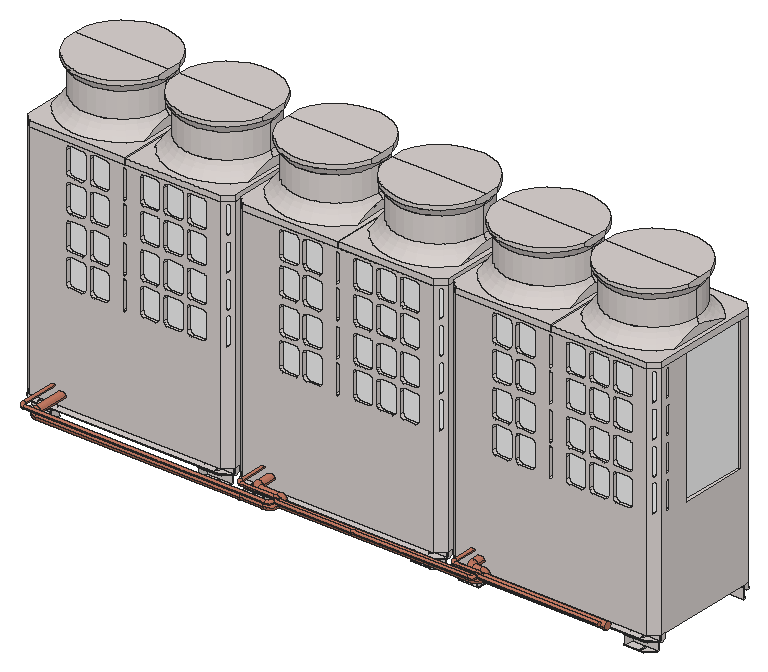
Revit family "PUHY-P1150YSNW-A1", category 機械設備, Revit 2016 (continued)
Definition of nested family "PUHY-P350YNW-A1"
  Lines and regions (mm)
    model lines
      curve 18: arc (-347, -370, 205) -> (-349.929, -370, 212.071) -> (-357, -370, 215) r 10
      curve 19: line (-405, -370, 1521) -> (-405, -370, 716)
      curve 20: line (620, -162.3, 1521) -> (620, -162.3, 95)
      curve 21: line (620, 289.2, 1521) -> (620, 289.2, 95)
      curve 22: line (620, -162.3, 705) -> (620, 289.2, 705)
      curve 23: line (620, -162.3, 725) -> (620, 289.2, 725)
      curve 24: line (620, -76.8, 583) -> (620, 203.2, 583)
      curve 25: line (620, 203.2, 563) -> (620, -76.8, 563)
      curve 26: arc (620, -76.8, 583) -> (620, -83.871, 580.071) -> (620, -86.8, 573) r 10
      curve 27: arc (620, -76.8, 563) -> (620, -83.871, 565.929) -> (620, -86.8, 573) r 10
      curve 28: arc (620, 203.2, 583) -> (620, 210.271, 580.071) -> (620, 213.2, 573) r 10
      curve 29: arc (620, 203.2, 563) -> (620, 210.271, 565.929) -> (620, 213.2, 573) r 10
      curve 30: line (620, -76.8, 478) -> (620, 203.2, 478)
      curve 31: line (620, 203.2, 458) -> (620, -76.8, 458)
      curve 32: arc (620, -76.8, 478) -> (620, -83.871, 475.071) -> (620, -86.8, 468) r 10
      curve 33: arc (620, -76.8, 458) -> (620, -83.871, 460.929) -> (620, -86.8, 468) r 10
      curve 34: arc (620, 203.2, 478) -> (620, 210.271, 475.071) -> (620, 213.2, 468) r 10
      curve 35: arc (620, 203.2, 458) -> (620, 210.271, 460.929) -> (620, 213.2, 468) r 10
      curve 36: line (620, -76.8, 373) -> (620, 203.2, 373)
      curve 37: line (620, 203.2, 353) -> (620, -76.8, 353)
      curve 38: arc (620, -76.8, 373) -> (620, -83.871, 370.071) -> (620, -86.8, 363) r 10
      curve 39: arc (620, -76.8, 353) -> (620, -83.871, 355.929) -> (620, -86.8, 363) r 10
      curve 40: arc (620, 203.2, 373) -> (620, 210.271, 370.071) -> (620, 213.2, 363) r 10
      curve 41: arc (620, 203.2, 353) -> (620, 210.271, 355.929) -> (620, 213.2, 363) r 10
      curve 42: line (620, -76.8, 268) -> (620, 203.2, 268)
      curve 43: line (620, 203.2, 248) -> (620, -76.8, 248)
      curve 44: arc (620, -76.8, 268) -> (620, -83.871, 265.071) -> (620, -86.8, 258) r 10
      curve 45: arc (620, -76.8, 248) -> (620, -83.871, 250.929) -> (620, -86.8, 258) r 10
      curve 46: arc (620, 203.2, 268) -> (620, 210.271, 265.071) -> (620, 213.2, 258) r 10
      curve 47: arc (620, 203.2, 248) -> (620, 210.271, 250.929) -> (620, 213.2, 258) r 10
      curve 48: line (-620, -162.3, 1521) -> (-620, -162.3, 95)
      curve 49: line (-620, 235.7, 1521) -> (-620, 235.7, 95)
      curve 50: line (-620, -112.3, 1521) -> (-620, -112.3, 705)
      curve 51: line (-620, 215.7, 1521) -> (-620, 215.7, 705)
      curve 52: line (-620, 235.7, 705) -> (-620, -162.3, 705)
      curve 53: line (-620, 176.7, 268) -> (-620, -103.3, 268)
      curve 54: line (-620, -103.3, 248) -> (-620, 176.7, 248)
      curve 55: arc (-620, 186.7, 258) -> (-620, 183.771, 265.071) -> (-620, 176.7, 268) r 10
      curve 56: arc (-620, 176.7, 248) -> (-620, 183.771, 250.929) -> (-620, 186.7, 258) r 10
      curve 57: arc (-620, -103.3, 268) -> (-620, -110.371, 265.071) -> (-620, -113.3, 258) r 10
      curve 58: arc (-620, -113.3, 258) -> (-620, -110.371, 250.929) -> (-620, -103.3, 248) r 10
      curve 59: line (-620, 176.7, 373) -> (-620, -103.3, 373)
      curve 60: line (-620, -103.3, 353) -> (-620, 176.7, 353)
      curve 61: arc (-620, 186.7, 363) -> (-620, 183.771, 370.071) -> (-620, 176.7, 373) r 10
      curve 62: arc (-620, 176.7, 353) -> (-620, 183.771, 355.929) -> (-620, 186.7, 363) r 10
      curve 63: arc (-620, -103.3, 373) -> (-620, -110.371, 370.071) -> (-620, -113.3, 363) r 10
      curve 64: arc (-620, -113.3, 363) -> (-620, -110.371, 355.929) -> (-620, -103.3, 353) r 10
      curve 65: line (-620, 176.7, 478) -> (-620, -103.3, 478)
      curve 66: line (-620, -103.3, 458) -> (-620, 176.7, 458)
      curve 67: arc (-620, 186.7, 468) -> (-620, 183.771, 475.071) -> (-620, 176.7, 478) r 10
      curve 68: arc (-620, 176.7, 458) -> (-620, 183.771, 460.929) -> (-620, 186.7, 468) r 10
      curve 69: arc (-620, -103.3, 478) -> (-620, -110.371, 475.071) -> (-620, -113.3, 468) r 10
      curve 70: arc (-620, -113.3, 468) -> (-620, -110.371, 460.929) -> (-620, -103.3, 458) r 10
      curve 71: line (-620, 176.7, 583) -> (-620, -103.3, 583)
      curve 72: line (-620, -103.3, 563) -> (-620, 176.7, 563)
      curve 73: arc (-620, 186.7, 573) -> (-620, 183.771, 580.071) -> (-620, 176.7, 583) r 10
      curve 74: arc (-620, 176.7, 563) -> (-620, 183.771, 565.929) -> (-620, 186.7, 573) r 10
      curve 75: arc (-620, -103.3, 583) -> (-620, -110.371, 580.071) -> (-620, -113.3, 573) r 10
      curve 76: arc (-620, -113.3, 573) -> (-620, -110.371, 565.929) -> (-620, -103.3, 563) r 10
      curve 77: line (-544, 370, 1521) -> (-544, 370, 95)
      curve 78: line (489, 370, 649) -> (30, 370, 649)
      curve 79: line (-30.5, 370, 649) -> (-544, 370, 649)
      curve 80: line (-147.25, 370, 584) -> (-427.25, 370, 584)
      curve 81: line (-427.25, 370, 564) -> (-147.25, 370, 564)
      curve 82: arc (-137.25, 370, 574) -> (-140.179, 370, 581.071) -> (-147.25, 370, 584) r 10
      curve 83: arc (-147.25, 370, 564) -> (-140.179, 370, 566.929) -> (-137.25, 370, 574) r 10
      curve 84: arc (-427.25, 370, 584) -> (-434.321, 370, 581.071) -> (-437.25, 370, 574) r 10
      curve 85: arc (-437.25, 370, 574) -> (-434.321, 370, 566.929) -> (-427.25, 370, 564) r 10
      curve 86: circle (448, -185, 1521) r 15 normal (0, 0, 1)
      curve 87: circle (468, -185, 95) r 26 normal (0, 0, 1)
      curve 88: circle (448, -260, 95) r 32.5 normal (0, 0, 1)
      curve 89: circle (404, -204, 95) r 17 normal (0, 0, 1)
      curve 90: line (-550, -370, 1521) -> (-550, -370, 95)
      curve 91: line (-550, -370, 716) -> (-30, -370, 716)
      curve 92: line (550, -370, 95) -> (550, -370, 1521)
      curve 93: line (30, -370, 716) -> (550, -370, 716)
      curve 94: line (-30.5, 370, 1521) -> (-30.5, 370, 95)
      curve 95: line (30, 370, 1521) -> (30, 370, 95)
      curve 96: line (489, 370, 1521) -> (489, 370, 95)
      curve 97: line (467, 370, 669) -> (467, 370, 649)
      curve 98: line (-352, -370, 223) -> (-550, -370, 223)
      curve 99: line (-342, -370, 213) -> (-342, -370, 95)
      curve 100: arc (-342, -370, 213) -> (-344.929, -370, 220.071) -> (-352, -370, 223) r 10
      curve 101: circle (488, -370, 160) r 32.5 normal (0, -1, 0)
      curve 102: circle (488, -370, 160) r 20 normal (0, -1, 0)
      curve 103: circle (364, -370, 150) r 17 normal (0, -1, 0)
      curve 104: circle (413, -370, 185) r 26 normal (0, -1, 0)
      curve 105: circle (413, -370, 185) r 13.5 normal (0, -1, 0)
      curve 106: line (352, -370, 223) -> (550, -370, 223)
      curve 107: line (342, -370, 213) -> (342, -370, 95)
      curve 108: arc (342, -370, 213) -> (344.929, -370, 220.071) -> (352, -370, 223) r 10
      curve 109: line (-147.25, 370, 479) -> (-427.25, 370, 479)
      curve 110: line (-427.25, 370, 459) -> (-147.25, 370, 459)
      curve 111: arc (-137.25, 370, 469) -> (-140.179, 370, 476.071) -> (-147.25, 370, 479) r 10
      curve 112: arc (-147.25, 370, 459) -> (-140.179, 370, 461.929) -> (-137.25, 370, 469) r 10
      curve 113: arc (-427.25, 370, 479) -> (-434.321, 370, 476.071) -> (-437.25, 370, 469) r 10
      curve 114: arc (-437.25, 370, 469) -> (-434.321, 370, 461.929) -> (-427.25, 370, 459) r 10
      curve 115: line (-147.25, 370, 374) -> (-427.25, 370, 374)
      curve 116: line (-427.25, 370, 354) -> (-147.25, 370, 354)
      curve 117: arc (-137.25, 370, 364) -> (-140.179, 370, 371.071) -> (-147.25, 370, 374) r 10
      curve 118: arc (-147.25, 370, 354) -> (-140.179, 370, 356.929) -> (-137.25, 370, 364) r 10
      curve 119: arc (-427.25, 370, 374) -> (-434.321, 370, 371.071) -> (-437.25, 370, 364) r 10
      curve 120: arc (-437.25, 370, 364) -> (-434.321, 370, 356.929) -> (-427.25, 370, 354) r 10
      curve 121: line (-147.25, 370, 269) -> (-427.25, 370, 269)
      curve 122: line (-427.25, 370, 249) -> (-147.25, 370, 249)
      curve 123: arc (-137.25, 370, 259) -> (-140.179, 370, 266.071) -> (-147.25, 370, 269) r 10
      curve 124: arc (-147.25, 370, 249) -> (-140.179, 370, 251.929) -> (-137.25, 370, 259) r 10
      curve 125: arc (-427.25, 370, 269) -> (-434.321, 370, 266.071) -> (-437.25, 370, 259) r 10
      curve 126: arc (-437.25, 370, 259) -> (-434.321, 370, 251.929) -> (-427.25, 370, 249) r 10
      curve 127: line (399.5, 370, 584) -> (119.5, 370, 584)
      curve 128: line (119.5, 370, 564) -> (399.5, 370, 564)
      curve 129: arc (409.5, 370, 574) -> (406.571, 370, 581.071) -> (399.5, 370, 584) r 10
      curve 130: arc (399.5, 370, 564) -> (406.571, 370, 566.929) -> (409.5, 370, 574) r 10
      curve 131: arc (119.5, 370, 584) -> (112.429, 370, 581.071) -> (109.5, 370, 574) r 10
      curve 132: arc (109.5, 370, 574) -> (112.429, 370, 566.929) -> (119.5, 370, 564) r 10
      curve 133: line (399.5, 370, 479) -> (119.5, 370, 479)
      curve 134: line (119.5, 370, 459) -> (399.5, 370, 459)
      curve 135: arc (409.5, 370, 469) -> (406.571, 370, 476.071) -> (399.5, 370, 479) r 10
      curve 136: arc (399.5, 370, 459) -> (406.571, 370, 461.929) -> (409.5, 370, 469) r 10
      curve 137: arc (119.5, 370, 479) -> (112.429, 370, 476.071) -> (109.5, 370, 469) r 10
      curve 138: arc (109.5, 370, 469) -> (112.429, 370, 461.929) -> (119.5, 370, 459) r 10
      curve 139: line (399.5, 370, 374) -> (119.5, 370, 374)
      curve 140: line (119.5, 370, 354) -> (399.5, 370, 354)
      curve 141: arc (409.5, 370, 364) -> (406.571, 370, 371.071) -> (399.5, 370, 374) r 10
      curve 142: arc (399.5, 370, 354) -> (406.571, 370, 356.929) -> (409.5, 370, 364) r 10
      curve 143: arc (119.5, 370, 374) -> (112.429, 370, 371.071) -> (109.5, 370, 364) r 10
      curve 144: arc (109.5, 370, 364) -> (112.429, 370, 356.929) -> (119.5, 370, 354) r 10
      curve 145: line (399.5, 370, 269) -> (119.5, 370, 269)
      curve 146: line (119.5, 370, 249) -> (399.5, 370, 249)
      curve 147: arc (409.5, 370, 259) -> (406.571, 370, 266.071) -> (399.5, 370, 269) r 10
      curve 148: arc (399.5, 370, 249) -> (406.571, 370, 251.929) -> (409.5, 370, 259) r 10
      curve 149: arc (119.5, 370, 269) -> (112.429, 370, 266.071) -> (109.5, 370, 259) r 10
      curve 150: arc (109.5, 370, 259) -> (112.429, 370, 251.929) -> (119.5, 370, 249) r 10
      curve 151: line (399.5, -370, 584) -> (119.5, -370, 584)
      curve 152: line (119.5, -370, 564) -> (399.5, -370, 564)
      curve 153: arc (409.5, -370, 574) -> (406.571, -370, 581.071) -> (399.5, -370, 584) r 10
      curve 154: arc (399.5, -370, 564) -> (406.571, -370, 566.929) -> (409.5, -370, 574) r 10
      curve 155: arc (119.5, -370, 584) -> (112.429, -370, 581.071) -> (109.5, -370, 574) r 10
      curve 156: arc (109.5, -370, 574) -> (112.429, -370, 566.929) -> (119.5, -370, 564) r 10
      curve 157: line (399.5, -370, 479) -> (119.5, -370, 479)
      curve 158: line (119.5, -370, 459) -> (399.5, -370, 459)
      curve 159: arc (409.5, -370, 469) -> (406.571, -370, 476.071) -> (399.5, -370, 479) r 10
      curve 160: arc (399.5, -370, 459) -> (406.571, -370, 461.929) -> (409.5, -370, 469) r 10
      curve 161: arc (119.5, -370, 479) -> (112.429, -370, 476.071) -> (109.5, -370, 469) r 10
      curve 162: arc (109.5, -370, 469) -> (112.429, -370, 461.929) -> (119.5, -370, 459) r 10
      curve 163: line (399.5, -370, 374) -> (119.5, -370, 374)
      curve 164: line (119.5, -370, 354) -> (399.5, -370, 354)
      curve 165: arc (409.5, -370, 364) -> (406.571, -370, 371.071) -> (399.5, -370, 374) r 10
      curve 166: arc (399.5, -370, 354) -> (406.571, -370, 356.929) -> (409.5, -370, 364) r 10
      curve 167: arc (119.5, -370, 374) -> (112.429, -370, 371.071) -> (109.5, -370, 364) r 10
      curve 168: arc (109.5, -370, 364) -> (112.429, -370, 356.929) -> (119.5, -370, 354) r 10
      curve 169: arc (119.5, -370, 269) -> (112.429, -370, 266.071) -> (109.5, -370, 259) r 10
      curve 170: arc (109.5, -370, 259) -> (112.429, -370, 251.929) -> (119.5, -370, 249) r 10
      curve 171: line (-147.25, -370, 584) -> (-427.25, -370, 584)
      curve 172: line (-427.25, -370, 564) -> (-147.25, -370, 564)
      curve 173: arc (-137.25, -370, 574) -> (-140.179, -370, 581.071) -> (-147.25, -370, 584) r 10
      curve 174: arc (-147.25, -370, 564) -> (-140.179, -370, 566.929) -> (-137.25, -370, 574) r 10
      curve 175: arc (-427.25, -370, 584) -> (-434.321, -370, 581.071) -> (-437.25, -370, 574) r 10
      curve 176: arc (-437.25, -370, 574) -> (-434.321, -370, 566.929) -> (-427.25, -370, 564) r 10
      curve 177: line (-147.25, -370, 479) -> (-427.25, -370, 479)
      curve 178: line (-427.25, -370, 459) -> (-147.25, -370, 459)
      curve 179: arc (-137.25, -370, 469) -> (-140.179, -370, 476.071) -> (-147.25, -370, 479) r 10
      curve 180: arc (-147.25, -370, 459) -> (-140.179, -370, 461.929) -> (-137.25, -370, 469) r 10
      curve 181: arc (-427.25, -370, 479) -> (-434.321, -370, 476.071) -> (-437.25, -370, 469) r 10
      curve 182: arc (-437.25, -370, 469) -> (-434.321, -370, 461.929) -> (-427.25, -370, 459) r 10
      curve 183: line (-147.25, -370, 374) -> (-427.25, -370, 374)
      curve 184: line (-427.25, -370, 354) -> (-147.25, -370, 354)
      curve 185: arc (-137.25, -370, 364) -> (-140.179, -370, 371.071) -> (-147.25, -370, 374) r 10
      curve 186: arc (-147.25, -370, 354) -> (-140.179, -370, 356.929) -> (-137.25, -370, 364) r 10
      curve 187: arc (-427.25, -370, 374) -> (-434.321, -370, 371.071) -> (-437.25, -370, 364) r 10
      curve 188: arc (-437.25, -370, 364) -> (-434.321, -370, 356.929) -> (-427.25, -370, 354) r 10
      curve 189: line (-147.25, -370, 269) -> (-262.25, -370, 269)
      curve 190: line (-262.25, -370, 249) -> (-147.25, -370, 249)
      curve 191: arc (-137.25, -370, 259) -> (-140.179, -370, 266.071) -> (-147.25, -370, 269) r 10
      curve 192: arc (-147.25, -370, 249) -> (-140.179, -370, 251.929) -> (-137.25, -370, 259) r 10
      curve 193: arc (-262.25, -370, 269) -> (-269.321, -370, 266.071) -> (-272.25, -370, 259) r 10
      curve 194: arc (-272.25, -370, 259) -> (-269.321, -370, 251.929) -> (-262.25, -370, 249) r 10
      curve 195: line (234.5, -370, 269) -> (119.5, -370, 269)
      curve 196: line (119.5, -370, 249) -> (234.5, -370, 249)
      curve 197: arc (244.5, -370, 259) -> (241.571, -370, 266.071) -> (234.5, -370, 269) r 10
      curve 198: arc (234.5, -370, 249) -> (241.571, -370, 251.929) -> (244.5, -370, 259) r 10
  Dimensions and locks
    nested 2 to nested 2 = 303.000 mm
    cut or joined group 1 (Extrusion 1, Extrusion 2, Extrusion 3, Extrusion 4, Extrusion 5, Extrusion 6, Extrusion 7, Extrusion 8, Extrusion 9, Extrusion 10, Extrusion 11, Extrusion 12, Extrusion 13, Extrusion 14, Extrusion 15, Extrusion 16, Extrusion 17, Extrusion 18, Extrusion 19, Extrusion 20, Extrusion 21, Extrusion 22, Extrusion 23, Extrusion 24, Extrusion 25, Extrusion 26, Extrusion 27, Extrusion 28, Extrusion 29, Extrusion 30, Extrusion 31, Extrusion 32, Extrusion 33) to cut or joined group 1 = 1240.000 mm
    Extrusion 2 sketch curve to Extrusion 2 sketch curve = 116.800 mm
    Extrusion 2 sketch curve to Extrusion 2 sketch curve = 170.800 mm
    Extrusion 3 sketch curve to Extrusion 3 sketch curve = 116.800 mm
    Extrusion 3 sketch curve to Extrusion 3 sketch curve = 170.800 mm
    Extrusion 4 sketch curve to Extrusion 4 sketch curve = 116.800 mm
    Extrusion 4 sketch curve to Extrusion 4 sketch curve = 170.800 mm
    Extrusion 5 sketch curve to Extrusion 5 sketch curve = 116.800 mm
    Extrusion 5 sketch curve to Extrusion 5 sketch curve = 170.800 mm
    Extrusion 6 sketch curve to Extrusion 6 sketch curve = 116.800 mm
    Extrusion 6 sketch curve to Extrusion 6 sketch curve = 170.800 mm
    Extrusion 7 sketch curve to Extrusion 7 sketch curve = 116.800 mm
    Extrusion 7 sketch curve to Extrusion 7 sketch curve = 170.800 mm
    Extrusion 8 sketch curve to Extrusion 8 sketch curve = 116.800 mm
    Extrusion 8 sketch curve to Extrusion 8 sketch curve = 170.800 mm
    Extrusion 9 sketch curve to Extrusion 9 sketch curve = 116.800 mm
    Extrusion 9 sketch curve to Extrusion 9 sketch curve = 170.800 mm
    cut or joined group 1 to cut or joined group 1 = 50.000 mm  (x2)
    Extrusion 10 sketch curve to Extrusion 10 sketch curve = 116.800 mm
    Extrusion 10 sketch curve to Extrusion 10 sketch curve = 170.800 mm
    Extrusion 11 sketch curve to Extrusion 11 sketch curve = 116.800 mm
    Extrusion 11 sketch curve to Extrusion 11 sketch curve = 170.800 mm
    Extrusion 12 sketch curve to Extrusion 12 sketch curve = 116.800 mm
    Extrusion 12 sketch curve to Extrusion 12 sketch curve = 170.800 mm
    Extrusion 13 sketch curve to Extrusion 13 sketch curve = 116.800 mm
    Extrusion 13 sketch curve to Extrusion 13 sketch curve = 170.800 mm
    Extrusion 14 sketch curve to Extrusion 14 sketch curve = 116.800 mm
    Extrusion 14 sketch curve to Extrusion 14 sketch curve = 170.800 mm
    Extrusion 15 sketch curve to Extrusion 15 sketch curve = 116.800 mm
    Extrusion 15 sketch curve to Extrusion 15 sketch curve = 170.800 mm
    Extrusion 16 sketch curve to Extrusion 16 sketch curve = 116.800 mm
    Extrusion 16 sketch curve to Extrusion 16 sketch curve = 170.800 mm
    Extrusion 17 sketch curve to Extrusion 17 sketch curve = 116.800 mm
    Extrusion 17 sketch curve to Extrusion 17 sketch curve = 170.800 mm
    Extrusion 18 sketch curve to Extrusion 18 sketch curve = 116.800 mm
    Extrusion 18 sketch curve to Extrusion 18 sketch curve = 170.800 mm
    Extrusion 19 sketch curve to Extrusion 19 sketch curve = 116.800 mm
    Extrusion 19 sketch curve to Extrusion 19 sketch curve = 170.800 mm
    Extrusion 20 sketch curve to Extrusion 20 sketch curve = 116.800 mm
    Extrusion 20 sketch curve to Extrusion 20 sketch curve = 170.800 mm
    Extrusion 21 sketch curve to Extrusion 21 sketch curve = 116.800 mm
    Extrusion 21 sketch curve to Extrusion 21 sketch curve = 170.800 mm
    plane 3 "Center (Left/Right)" to cut or joined group 1 = 620.000 mm
    cut or joined group 1 to plane 3 "Center (Left/Right)" = 620.000 mm
    Extrusion 1 sketch curve to Extrusion 1 sketch curve = 1240.000 mm
    cut or joined group 1 to plane 8 = 185.000 mm
    cut or joined group 1 to plane 7 = 166.000 mm
    cut or joined group 1 to plane 6 = 110.000 mm
    cut or joined group 1 to plane 12 to cut or joined group 1 = 805.000 mm, 621.000 mm
    plane 5 to plane 2 = 1858.000 mm  (x2)
    cut or joined group 1 to plane 19 "132" = 132.000 mm
    cut or joined group 1 to plane 22 = 207.000 mm
    cut or joined group 1 to plane 23 = 256.000 mm
    cut or joined group 1 to plane 6 = 60.000 mm
    cut or joined group 1 to cut or joined group 1 = 42.154 mm
    cut or joined group 1 to cut or joined group 1 = 11.895 mm
    nested 1 to nested 3 to level = 1798.000 mm, 60.000 mm
    nested 1 to nested 1 = 303.000 mm
    nested 1 to nested 3 = 1495.000 mm
    nested 8 to nested 8 to nested 8 to nested 7 to nested 7 to nested 7 = 54.000 mm, 20.000 mm, 592.000 mm, 20.000 mm, 54.000 mm
    nested 3 to nested 3 = 56.000 mm
    plane 11 to plane 31 to plane 32 to cut or joined group 1 = 90.000 mm, 1060.000 mm, 90.000 mm
    curve 103 to nested 7 = 90.000 mm
    curve 104 to nested 7 = 125.000 mm
    curve 101 to nested 7 = 100.000 mm
    curve 11 to curve 13 to nested 7 = 84.000 mm, 71.000 mm
    cut or joined group 1 to curve 12 to curve 14 = 125.000 mm, 148.000 mm
    nested 2 to nested 7 = 1495.000 mm
    curve 87 to cut or joined group 1 = 152.000 mm
    curve 88 to cut or joined group 1 = 172.000 mm
    curve 89 to cut or joined group 1 = 216.000 mm
    cut or joined group 1 to curve 4 to curve 2 = 128.000 mm, 150.000 mm
    cut or joined group 1 to curve 1 to curve 3 = 79.000 mm, 94.000 mm
    Extrusion 32 sketch curve to nested 7 = 116.000 mm
    cut or joined group 1 to Extrusion 32 sketch curve = 160.000 mm
    cut or joined group 1 to Extrusion 33 sketch curve = 243.000 mm
    Extrusion 33 sketch curve to nested 7 = 116.000 mm
    cut or joined group 1 to cut or joined group 1 = 740.000 mm
    plane 30 to plane 4 = 740.000 mm
    aligned and locked: level to plane 2
    aligned and locked: Extrusion 1 to plane 4
  Nested families
    nested 1: "FAN GUARD" at (-311.5, 2, 860), type "FAN GUARD"
      with WIDTH 870.000 mm
    nested 2: "FAN GUARD" at (311.5, 2, 860) x (-1, 0, 0) z (0, 0, 1), type "FAN GUARD"
      with WIDTH 870.000 mm
    nested 3: "ATTACHMENT LEG" at (-524, -349, 0), type "ATTACHMENT LEG"
    nested 4: "ATTACHMENT LEG" at (-524, 349, 0), type "ATTACHMENT LEG"
    nested 5: "ATTACHMENT LEG" at (524, -349, 0) x (-1, 0, 0) z (0, 0, 1), type "ATTACHMENT LEG"
    nested 6: "ATTACHMENT LEG" at (524, 349, 0) x (-1, 0, 0) z (0, 0, 1), type "ATTACHMENT LEG"
    nested 7: "BASE LEG_L_" at (0, -352, 60), type "BASE LEG_L_"
      with Width 1240.000 mm
    nested 8: "BASE LEG_L_" at (0, 352, 60), type "BASE LEG_L_"
      with Width 1240.000 mm
  Connectors
    piping at (-460, -191, 176), diameter 25.4, driven by "Liquid pipe_radius"
      settings: on cut or joined group 1, index 3, connector inside diameter 25.4 mm, connector length 0.000 mm, flow factor 0, pipe flow 0.0 L/s, pressure drop 0.0 Pa, fitting loss kfactor 0, connector angle 0.00°, fixture units 0, engagement length 0.000 mm, angle of deflection 0.00°, flow configuration 0, flow direction 0, fitting loss method 0, system type 22, joint type 0, gender type 0, connector reference index -1, connector utility 0, adjustable connector no, is connector primary yes, connector description "Refrigerant service valve<Liquid pipe>"
    piping at (-377, -191, 176), diameter 28.58, driven by "Gas pipe_radius"
      settings: on cut or joined group 1, index 4, connector inside diameter 28.58 mm, connector length 0.000 mm, flow factor 0, pipe flow 0.0 L/s, pressure drop 0.0 Pa, fitting loss kfactor 0, connector angle 0.00°, fixture units 0, engagement length 0.000 mm, angle of deflection 0.00°, flow configuration 0, flow direction 0, fitting loss method 0, system type 22, joint type 0, gender type 0, connector reference index -1, connector utility 0, adjustable connector no, is connector primary no, connector description "Refrigerant service valve<Gas>"
    electrical at (0, -370, 808)
      settings: on cut or joined group 1, index 5, voltage 0 V, apparent load 0 VA, apparent load phase1 0 VA, apparent load phase2 0 VA, apparent load phase3 0 VA, power factor 1, load classification none, number of poles 1, system type 30, power factor state 1, is connector primary yes, connector utility no, sub classification motor no, connector description ""
  Definition of nested family "FAN GUARD"
    Parameters
      WIDTH [instance] = 870.000 mm
    Reference planes
      plane 1 "中心(正面/背面)": y = -2
      plane 2: z = 0
      plane 3 "ファンガード基準面": z = 661
      plane 4: y = 368
      plane 5: x = 366
      plane 6: x = -375
      plane 7 "ファンガード基準上面": z = 695
      plane 8 "ファンガード上面": z = 998
      plane 9: x = -273.971
      plane 10: x = 308.5
      plane 11: x = -308.5
      plane 12: x = 0
    Forms (mm)
      Extrusion 1, solid
        sketch origin (85, 0, 661) x (-1, 0, 0) y (0, -1, 0)
          loop
            line (343.5, -368) -> (393.5, -318) -> (393.5, 322) -> (343.5, 372) -> (-223.5, 372) -> (-223.5, -368) -> (343.5, -368)
        from 0 to 34
      Revolve 2, solid
        sketch origin (0, -2, 0) x (1, 0, 0) y (0, 0, 1)
          loop
            line (0, 695) -> (0, 998) -> (-290, 998) -> (-290, 972.327) -> (-260, 928.372) -> (-260, 777.384)
            arc (-260, 777.384) -> (-290.651, 730.137) -> (-334.665, 695) r 175.882
            line (-334.665, 695) -> (0, 695)
          axis (0, 998) -> (0, 695)
        angle from 0 to 360
      Extrusion 3, void
        sketch origin (-840, 75, 695) x (-1, 0, 0) y (0, -1, 0)
          loop
            line (-410, -165) -> (-410, 315) -> (-561.253, 315) -> (-561.253, -165) -> (-410, -165)
        from -35 to 430.592
      Extrusion 4, void
        sketch origin (840, 75, 695) x (1, 0, 0) y (0, 1, 0)
          loop
            line (-410, 165) -> (-561.253, 165) -> (-561.253, -315) -> (-410, -315) -> (-410, 165)
        from 0 to 430.592
    Cuts and joins
      Extrusion 3, Extrusion 4 cuts Revolve 2
      Extrusion 4 cuts Extrusion 1
    Lines and regions (mm)
      model lines
        curve 1: line (-278.747, 0, 998) -> (-80, 0, 998)
        curve 2: line (80, 0, 998) -> (278.747, 0, 998)
        curve 3: circle (0, 0, 998) r 80 normal (0, 0, 1)
        curve 4: line (-278.747, -80, 998) -> (278.747, -80, 998)
        curve 5: line (-241.868, -160, 998) -> (241.868, -160, 998)
        curve 6: line (-162.788, -240, 998) -> (162.788, -240, 998)
        curve 7: line (-278.747, 80, 998) -> (278.747, 80, 998)
        curve 8: line (-241.868, 160, 998) -> (240, 160, 998)
        curve 9: line (-160, 240, 998) -> (162.788, 240, 998)
        curve 10: line (0, 290, 998) -> (0, -290, 998)
        curve 11: line (-20, 289.31, 998) -> (-20, -289.31, 998)
        curve 12: line (-40, 287.228, 998) -> (-40, -287.228, 998)
        curve 13: line (-60, 283.725, 998) -> (-60, -283.725, 998)
        curve 14: line (-80, 278.747, 998) -> (-80, -278.747, 998)
        curve 15: line (20, 289.31, 998) -> (20, -289.31, 998)
        curve 16: line (40, 287.228, 998) -> (40, -287.228, 998)
        curve 17: line (60, 283.725, 998) -> (60, -283.725, 998)
        curve 18: line (80, 278.747, 998) -> (80, -278.747, 998)
        curve 19: line (100, 272.213, 998) -> (100, -272.213, 998)
        curve 20: line (120, 264.008, 998) -> (120, -264.008, 998)
        curve 21: line (140, 253.969, 998) -> (140, -253.969, 998)
        curve 22: line (160, 241.868, 998) -> (160, -243.132, 998)
        curve 23: line (180, 227.376, 998) -> (180, -227.624, 998)
        curve 24: line (200, 210, 998) -> (200, -210, 998)
        curve 25: line (220, 188.944, 998) -> (220, -188.944, 998)
        curve 26: line (240, 160, 998) -> (240, -162.788, 998)
        curve 27: line (260, 128.452, 998) -> (260, -128.452, 998)
        curve 28: line (-100, 272.213, 998) -> (-100, -272.213, 998)
        curve 29: line (-120, 264.008, 998) -> (-120, -264.008, 998)
        curve 30: line (-140, 253.969, 998) -> (-140, -253.969, 998)
        curve 31: line (-160, 240, 998) -> (-160, -241.868, 998)
        curve 32: line (-180, 227.376, 998) -> (-180, -227.376, 998)
        curve 33: line (-200, 210, 998) -> (-200, -210, 998)
        curve 34: line (-220, 188.944, 998) -> (-220, -188.944, 998)
        curve 35: line (-240, 162.788, 998) -> (-240, -162.788, 998)
        curve 36: line (-260, 128.452, 998) -> (-260, -128.452, 998)
        curve 37: line (10, 79.373, 998) -> (10, -79.373, 998)
        curve 38: line (-10, 79.373, 998) -> (-10, -79.373, 998)
        curve 39: line (30, 74.162, 998) -> (30, -74.162, 998)
        curve 40: line (50, 62.45, 998) -> (50, -62.45, 998)
        curve 41: line (70, 38.73, 998) -> (70, -38.73, 998)
        curve 42: line (-30, 74.162, 998) -> (-30, -74.162, 998)
        curve 43: line (-50, 62.45, 998) -> (-50, -62.45, 998)
        curve 44: line (-70, 38.73, 998) -> (-70, -38.73, 998)
    Dimensions and locks
      locked: plane 8 "ファンガード上面" to plane 7 "ファンガード基準上面" at 303
      plane 8 "ファンガード上面" to plane 3 "ファンガード基準面" = 337.000 mm
      Revolve 2 sketch curve to Revolve 2 sketch curve = 290.000 mm
      Extrusion 1 sketch curve to Extrusion 1 sketch curve = 740.000 mm
      equal spacing: Extrusion 1 sketch curve, plane 1 "中心(正面/背面)", Extrusion 1 sketch curve
      plane 6 to plane 5 = 741.000 mm
      Extrusion 1 sketch curve to Extrusion 1 sketch curve = 617.000 mm
      plane 11 to plane 10 = 617.000 mm
      cut or joined group of Extrusion 1, Extrusion 4 to cut or joined group of Extrusion 1, Extrusion 4 = 617.000 mm
      cut or joined group of Extrusion 1, Extrusion 4 to cut or joined group of Extrusion 1, Extrusion 4 = 740.000 mm
      aligned and locked: level to plane 2
      aligned and locked: plane 7 "ファンガード基準上面" to Extrusion 1
      aligned and locked: plane 3 "ファンガード基準面" to Extrusion 1
      aligned and locked: cut or joined group of Revolve 2, Extrusion 3, Extrusion 4 to plane 8 "ファンガード上面"
  Definition of nested family "ATTACHMENT LEG"
    Parameters
      Width = 145.000 mm
    Reference planes
      plane 1: z = 0
      plane 2 "中心(左/右)": x = -6
      plane 3: x = -52
      plane 4: x = 85
      plane 5: x = 93
      plane 6: y = -21
      plane 7: y = 27
      plane 8: x = -30
      plane 9: y = 39
      plane 10: z = 60
      plane 11: z = 57
      plane 12: z = 3
      plane 13: x = 82
      plane 14: y = 36
      plane 15: x = -75
      plane 16: y = 31
      plane 17 "幅": x = 93
      plane 18: y = 2.5
      plane 19: y = 21
      plane 20: y = -10
    Forms (mm)
      Extrusion 1, solid
        sketch origin (0, -1, 0) x (1, 0, 0) y (0, 1, 0)
          loop
            line (-75, 36) -> (-75, 27) -> (-28, -20) -> (93, -20) -> (93, 32) -> (85, 32) -> (85, 36) -> (-75, 36)
        from 0 to 60
      Extrusion 2, void
        sketch origin (0, -3, 0) x (1, 0, 0) y (0, 0, 1)
          loop
            line (-75, 57) -> (-75, 3) -> (82, 3) -> (82, 57) -> (-75, 57)
          loop
            line (93, 57) -> (85, 57) -> (85, 3) -> (93, 3) -> (93, 57)
        from -35 to 18
      Extrusion 3, void
        sketch origin (-6, 5.5, 0) x (1, 0, 0) y (0, 1, 0)
          loop
            arc (-7, -8.5) -> (0, -15.5) -> (7, -8.5) r 7
            line (7, -8.5) -> (7, 8.5)
            arc (7, 8.5) -> (0, 15.5) -> (-7, 8.5) r 7
            line (-7, 8.5) -> (-7, -8.5)
        from 0 to 60
    Cuts and joins
      Extrusion 2, Extrusion 3 cuts Extrusion 1
    Dimensions and locks
      locked: plane 3 to plane 4 at 137
      locked: plane 3 to plane 5 at 145
      plane 6 to plane 7 = 48.000 mm
      locked: plane 10 to level at 60
      Extrusion 3 sketch curve to plane 2 "中心(左/右)" = 7.000 mm
      locked: plane 15 to plane 2 "中心(左/右)" at 69
      locked: plane 15 to plane 8 at 45
      locked: plane 6 to plane 18 at 23.5
      cut or joined group of Extrusion 1, Extrusion 2, Extrusion 3 to cut or joined group of Extrusion 1, Extrusion 2, Extrusion 3 = 168.000 mm
      cut or joined group of Extrusion 1, Extrusion 2, Extrusion 3 to cut or joined group of Extrusion 1, Extrusion 2, Extrusion 3 = 56.000 mm  (x2)
      plane 14 to plane 6 = 57.000 mm
      aligned and locked: level to plane 1
      aligned and locked: Extrusion 1 sketch curve to plane 4
      aligned and locked: Extrusion 1 sketch curve to plane 5
      aligned: plane 8 to Extrusion 1 sketch curve
      aligned and locked: plane 10 to Extrusion 1
      aligned and locked: Extrusion 2 sketch curve to plane 11
      aligned: plane 3 to Extrusion 2 sketch curve
      aligned and locked: plane 12 to Extrusion 2 sketch curve
      aligned and locked: Extrusion 2 sketch curve to plane 13
      aligned and locked: plane 6 to Extrusion 2
      aligned and locked: plane 11 to Extrusion 2 sketch curve
      aligned and locked: plane 5 to Extrusion 2 sketch curve
      aligned and locked: Extrusion 2 sketch curve to plane 12
      aligned and locked: Extrusion 2 sketch curve to plane 4
      aligned and locked: plane 15 to Extrusion 1 sketch curve
      aligned and locked: Extrusion 2 sketch curve to cut or joined group of Extrusion 1, Extrusion 2, Extrusion 3
      aligned and locked: Extrusion 1 to plane 16
  Definition of nested family "BASE LEG_L_"
    Parameters
      Width [instance] = 1240.000 mm
    Reference planes
      plane 1 "中心(正面/背面)": y = 0
      plane 2: z = 0
      plane 3 "中心(左/右)": x = 0
      plane 4: x = 620
      plane 5: x = -620
      plane 6: x = -530
      plane 7: x = 530
      plane 8: y = -18
      plane 9: y = 39
      plane 10: z = 53
      plane 11: y = 42
      plane 12: y = 27
      plane 13: x = 575
      plane 14: x = -575
      plane 15: z = 8
      plane 16: y = 11.5
      plane 17: z = 35
    Forms (mm)
      Extrusion 1, solid
        sketch origin (0, 0, 0) x (0, 1, 0) y (0, 0, 1)
          loop
            line (-18, 0) -> (36, 0) -> (36, 32) -> (56, 32) -> (56, 35) -> (33, 35) -> (33, 3) -> (-18, 3) -> (-18, 0)
        from -620 to 620
      Extrusion 2, void
        sketch origin (0, 0, 0) x (1, 0, 0) y (0, 1, 0)
          loop
            line (575, -18) -> (620, -18) -> (620, 27) -> (575, -18)
          loop
            line (-575, -18) -> (-620, 27) -> (-620, -18) -> (-575, -18)
        from 0 to 250
      Extrusion 3, void
        sketch origin (0, 12.023, 0) x (1, 0, 0) y (0, 1, 0)
          loop
            arc (523, -2.971) -> (530, -9.971) -> (537, -2.971) r 7
            line (537, -2.971) -> (537, 3.023)
            arc (537, 3.023) -> (530, 10.023) -> (523, 3.023) r 7
            line (523, 3.023) -> (523, -2.971)
          loop
            line (-523, -2.971) -> (-523, 3.023)
            arc (-523, 3.023) -> (-530, 10.023) -> (-537, 3.023) r 7
            line (-537, 3.023) -> (-537, -2.971)
            arc (-537, -2.971) -> (-530, -9.971) -> (-523, -2.971) r 7
        from 0 to 250
      Extrusion 4, solid
        sketch origin (0, 0, -3) x (1, 0, 0) y (0, 0, 1)
          loop
            line (617, 8) -> (620, 8) -> (620, 35) -> (617, 35) -> (617, 8)
          loop
            line (-617, 8) -> (-617, 35) -> (-620, 35) -> (-620, 8) -> (-617, 8)
        from -36 to -56
      Extrusion 5, solid
        sketch origin (150, 352, 0) x (1, 0, 0) y (0, 1, 0)
          loop
            line (460, -319) -> (455, -319) -> (455, -320) -> (405, -370) -> (410, -370) -> (460, -320) -> (460, -319)
        from 3 to 35
      Extrusion 6, void
        sketch origin (560, -18, 0) x (0.707107, 0.707107, 0) y (0, 0, 1)
          loop
            line (70.711, 3) -> (-6.741, 39.767) -> (-6.741, 3) -> (70.711, 3)
        from -190.256 to 23.776
      Extrusion 7, solid
        sketch origin (-150, 352, 0) x (-1, 0, 0) y (0, -1, 0)
          loop
            line (460, 319) -> (460, 320) -> (410, 370) -> (405, 370) -> (455, 320) -> (455, 319) -> (460, 319)
        from 3 to 35
      Extrusion 8, void
        sketch origin (-560, -18, 0) x (0.707107, -0.707107, 0) y (0, 0, -1)
          loop
            line (-70.711, -3) -> (0, -35) -> (6.741, -35) -> (6.741, -3) -> (-70.711, -3)
        from -190.256 to 23.776
    Cuts and joins
      Extrusion 2, Extrusion 3 cuts Extrusion 1
      joined: Extrusion 1, Extrusion 4
      Extrusion 8 cuts Extrusion 7
      Extrusion 6 cuts Extrusion 5
    Dimensions and locks
      "Width": plane 5 to plane 4
      equal spacing: plane 5, plane 3 "中心(左/右)", plane 4
      locked: plane 5 to plane 6 at 90
      locked: plane 7 to plane 4 at 90
      locked: plane 8 to plane 9 at 57
      locked: plane 10 to level at 53
      locked: plane 9 to plane 11 at 3
      plane 8 to plane 12 = 45.000 mm
      locked: plane 13 to plane 4 at 45
      locked: plane 5 to plane 14 at 45
      equal spacing: Extrusion 3 sketch curve, plane 7, Extrusion 3 sketch curve
      equal spacing: Extrusion 3 sketch curve, plane 6, Extrusion 3 sketch curve
      locked: plane 10 to plane 15 at 45
      locked: cut or joined group of Extrusion 1, Extrusion 2, Extrusion 3, Extrusion 4 to Extrusion 4 sketch curve at 3  (x2)
      locked: plane 8 to plane 16 at 29.5
      plane 8 to plane 11 = 60.000 mm
      cut or joined group of Extrusion 1, Extrusion 2, Extrusion 3, Extrusion 4 to cut or joined group of Extrusion 1, Extrusion 2, Extrusion 3, Extrusion 4 = 35.000 mm
      aligned and locked: level to plane 2
      aligned and locked: plane 8 to Extrusion 1 sketch curve
      aligned and locked: plane 4 to Extrusion 1
      aligned and locked: Extrusion 1 to plane 5
      aligned and locked: Extrusion 2 sketch curve to plane 4
      aligned and locked: Extrusion 2 sketch curve to plane 8
      aligned and locked: plane 12 to Extrusion 2 sketch curve
      aligned and locked: plane 13 to Extrusion 2 sketch curve
      aligned and locked: plane 4 to Extrusion 4 sketch curve
      aligned and locked: plane 5 to Extrusion 4 sketch curve
      aligned and locked: cut or joined group of Extrusion 7, Extrusion 8 to cut or joined group of Extrusion 1, Extrusion 2, Extrusion 3, Extrusion 4
    Automatic sketch dimensions
      Extrusion 3 sketch curve to plane 1 "中心(正面/背面)" = 9.052 mm  (x2)
      Extrusion 3 sketch curve to plane 7 = 7.000 mm
      Extrusion 3 sketch curve to plane 1 "中心(正面/背面)" = 15.046 mm  (x2)
      Extrusion 3 sketch curve to plane 6 = 7.000 mm
      Extrusion 2 sketch curve to plane 5 = 0.000 mm
      plane 8 to Extrusion 2 sketch curve = 0.000 mm
      Extrusion 2 sketch curve to plane 14 = 0.000 mm
      plane 12 to Extrusion 2 sketch curve = 0.000 mm
      Extrusion 4 sketch curve to plane 10 = 21.000 mm
      plane 7 to Extrusion 5 sketch curve = 25.000 mm
      Extrusion 5 sketch curve to Extrusion 5 sketch curve = 5.000 mm  (x2)
      plane 7 to Extrusion 5 sketch curve = 75.000 mm
      plane 8 to Extrusion 5 sketch curve = 0.000 mm
      Extrusion 5 sketch curve to Extrusion 5 sketch curve = 50.000 mm
      Extrusion 5 sketch curve to Extrusion 5 sketch curve = 0.000 mm
      Extrusion 5 sketch curve to Extrusion 5 sketch curve = 1.000 mm
      Extrusion 6 sketch curve to Extrusion 5 = 0.000 mm  (x2)
      Extrusion 6 sketch curve to Extrusion 5 = 6.741 mm
      Extrusion 6 sketch curve to Extrusion 5 = 4.767 mm
      plane 6 to Extrusion 7 sketch curve = 25.000 mm
      Extrusion 7 sketch curve to Extrusion 7 sketch curve = 5.000 mm  (x2)
      Extrusion 7 sketch curve to Extrusion 7 sketch curve = 45.000 mm
      Extrusion 7 sketch curve to plane 8 = 0.000 mm
      Extrusion 7 sketch curve to Extrusion 7 sketch curve = 50.000 mm
      Extrusion 7 sketch curve to Extrusion 7 sketch curve = 0.000 mm
      Extrusion 7 sketch curve to Extrusion 7 sketch curve = 1.000 mm
      Extrusion 8 sketch curve to Extrusion 7 = 0.000 mm  (x2)
      Extrusion 7 to Extrusion 8 sketch curve = 0.000 mm  (x2)
      Extrusion 7 to Extrusion 8 sketch curve = 6.741 mm
      Extrusion 4 sketch curve to plane 17 = 3.000 mm
      Extrusion 4 sketch curve to plane 15 = 3.000 mm  (x2)
      Extrusion 1 sketch curve to plane 17 = 0.000 mm
      Extrusion 1 sketch curve to level = 0.000 mm
      level to Extrusion 1 sketch curve = 3.000 mm
      plane 9 to Extrusion 1 sketch curve = 6.000 mm
      plane 9 to Extrusion 1 sketch curve = 3.000 mm
      Extrusion 1 sketch curve to plane 17 = 3.000 mm
      Extrusion 1 sketch curve to plane 11 = 14.000 mm
Types (6, lengths in mm): name | Voltage | Hertz | Heating Rated Load Ampacity (A) | Heating Current Input (Nominal) (A) | Heating Current Input (A) | Cooling Rated Load Ampacity (A) | Cooling Current Input (A)
  PUHY-P1150YSNW-A1_380V_50Hz | 380 V | 50 Hz | 61.1 | 51.5 | 61.1 | 68.3 | 68.3
  PUHY-P1150YSNW-A1_380V_60Hz | 380 V | 60 Hz | 61.1 | 51.5 | 61.1 | 68.3 | 68.3
  PUHY-P1150YSNW-A1_400V_50Hz | 400 V | 50 Hz | 58.1 | 48.9 | 58.1 | 64.9 | 64.9
  PUHY-P1150YSNW-A1_400V_60Hz | 400 V | 60 Hz | 58.1 | 48.9 | 58.1 | 64.9 | 64.9
  PUHY-P1150YSNW-A1_415V_50Hz | 415 V | 50 Hz | 56 | 47.1 | 56 | 62.5 | 62.5
  PUHY-P1150YSNW-A1_415V_60Hz | 415 V | 60 Hz | 56 | 47.1 | 56 | 62.5 | 62.5
